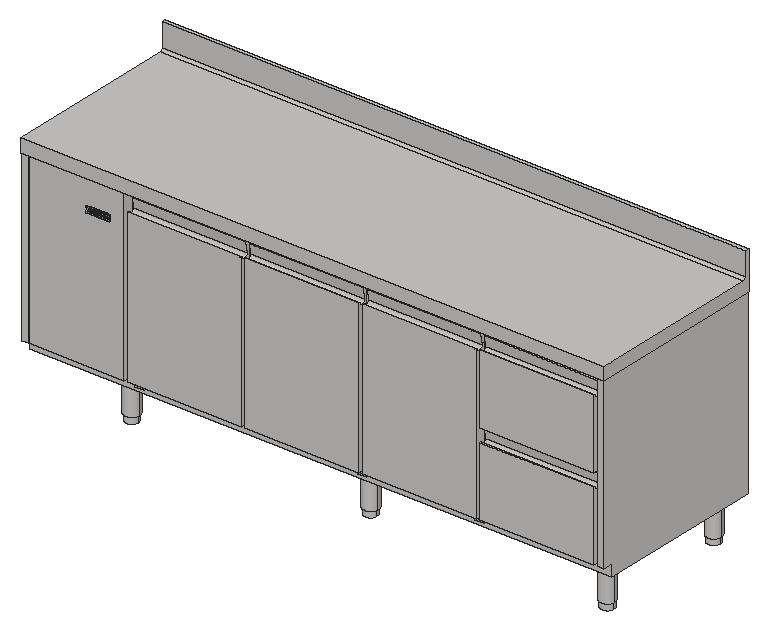
Revit family "QF_ZANUSSI_111058_ZH4H3AAAB", category Specialty Equipment, Revit 2018 (continued)
Definition of nested family "ZAN_Cooling Unit"
  Lines and regions (mm)
    Split face 121
      outline origin (55.016, 2, -197.115) x (0, 0, 1) y (-1, 0, 0)
        loop
          line (502.647, 158.547) -> (502.647, 116.535)
          arc (502.647, 116.535) -> (506.648, 112.533) -> (510.649, 116.535) r 4.001
          line (510.649, 116.535) -> (510.649, 158.547)
    Split face 122
      outline origin (55.016, 2, -209.119) x (0, 0, 1) y (-1, 0, 0)
        loop
          arc (510.649, 158.547) -> (506.648, 162.548) -> (502.647, 158.547) r 4.001
          line (502.647, 158.547) -> (502.647, 116.535)
          arc (502.647, 116.535) -> (506.648, 112.533) -> (510.649, 116.535) r 4.001
          line (510.649, 116.535) -> (510.649, 158.547)
    Split face 123
      outline origin (55.016, 2, -221.122) x (0, 0, 1) y (-1, 0, 0)
        loop
          arc (510.649, 158.547) -> (506.648, 162.548) -> (502.647, 158.547) r 4.001
          line (502.647, 158.547) -> (502.647, 116.535)
          arc (502.647, 116.535) -> (506.648, 112.533) -> (510.649, 116.535) r 4.001
          line (510.649, 116.535) -> (510.649, 158.547)
    Split face 124
      outline origin (55.016, 2, -233.126) x (0, 0, 1) y (-1, 0, 0)
        loop
          arc (510.649, 158.547) -> (506.648, 162.548) -> (502.647, 158.547) r 4.001
          line (502.647, 158.547) -> (502.647, 116.535)
          arc (502.647, 116.535) -> (506.648, 112.533) -> (510.649, 116.535) r 4.001
          line (510.649, 116.535) -> (510.649, 158.547)
    Split face 125
      outline origin (55.016, 2, -245.129) x (0, 0, 1) y (-1, 0, 0)
        loop
          arc (510.649, 158.547) -> (506.648, 162.548) -> (502.647, 158.547) r 4.001
          line (502.647, 158.547) -> (502.647, 116.535)
          arc (502.647, 116.535) -> (506.648, 112.533) -> (510.649, 116.535) r 4.001
          line (510.649, 116.535) -> (510.649, 158.547)
    Split face 126
      outline origin (55.016, 2, -257.133) x (0, 0, 1) y (-1, 0, 0)
        loop
          arc (510.649, 158.547) -> (506.648, 162.548) -> (502.647, 158.547) r 4.001
          line (502.647, 158.547) -> (502.647, 116.535)
          arc (502.647, 116.535) -> (506.648, 112.533) -> (510.649, 116.535) r 4.001
          line (510.649, 116.535) -> (510.649, 158.547)
    Split face 127
      outline origin (55.016, 2, -269.136) x (0, 0, 1) y (-1, 0, 0)
        loop
          arc (510.649, 158.547) -> (506.648, 162.548) -> (502.647, 158.547) r 4.001
          line (502.647, 158.547) -> (502.647, 116.535)
          arc (502.647, 116.535) -> (506.648, 112.533) -> (510.649, 116.535) r 4.001
          line (510.649, 116.535) -> (510.649, 158.547)
    Split face 128
      outline origin (55.016, 2, -281.14) x (0, 0, 1) y (-1, 0, 0)
        loop
          arc (510.649, 158.547) -> (506.648, 162.548) -> (502.647, 158.547) r 4.001
          line (502.647, 158.547) -> (502.647, 116.535)
          arc (502.647, 116.535) -> (506.648, 112.533) -> (510.649, 116.535) r 4.001
          line (510.649, 116.535) -> (510.649, 158.547)
    Split face 129
      outline origin (55.016, 2, -293.144) x (0, 0, 1) y (-1, 0, 0)
        loop
          arc (510.649, 158.547) -> (506.648, 162.548) -> (502.647, 158.547) r 4.001
          line (502.647, 158.547) -> (502.647, 116.535)
          arc (502.647, 116.535) -> (506.648, 112.533) -> (510.649, 116.535) r 4.001
          line (510.649, 116.535) -> (510.649, 158.547)
    Split face 130
      outline origin (110.032, 2, -113.091) x (0, 0, 1) y (-1, 0, 0)
        loop
          arc (510.649, 158.547) -> (506.648, 162.548) -> (502.647, 158.547) r 4.001
          line (502.647, 158.547) -> (502.647, 116.535)
          arc (502.647, 116.535) -> (506.648, 112.533) -> (510.649, 116.535) r 4.001
          line (510.649, 116.535) -> (510.649, 158.547)
    Split face 131
      outline origin (110.032, 2, -125.094) x (0, 0, 1) y (-1, 0, 0)
        loop
          arc (510.649, 158.547) -> (506.648, 162.548) -> (502.647, 158.547) r 4.001
          line (502.647, 158.547) -> (502.647, 116.535)
          arc (502.647, 116.535) -> (506.648, 112.533) -> (510.649, 116.535) r 4.001
          line (510.649, 116.535) -> (510.649, 158.547)
    Split face 132
      outline origin (110.032, 2, -137.098) x (0, 0, 1) y (-1, 0, 0)
        loop
          arc (510.649, 158.547) -> (506.648, 162.548) -> (502.647, 158.547) r 4.001
          line (502.647, 158.547) -> (502.647, 116.535)
          arc (502.647, 116.535) -> (506.648, 112.533) -> (510.649, 116.535) r 4.001
          line (510.649, 116.535) -> (510.649, 158.547)
    Split face 133
      outline origin (110.032, 2, -149.101) x (0, 0, 1) y (-1, 0, 0)
        loop
          arc (510.649, 158.547) -> (506.648, 162.548) -> (502.647, 158.547) r 4.001
          line (502.647, 158.547) -> (502.647, 116.535)
          arc (502.647, 116.535) -> (506.648, 112.533) -> (510.649, 116.535) r 4.001
          line (510.649, 116.535) -> (510.649, 158.547)
    Split face 134
      outline origin (110.032, 2, -161.105) x (0, 0, 1) y (-1, 0, 0)
        loop
          arc (510.649, 158.547) -> (506.648, 162.548) -> (502.647, 158.547) r 4.001
          line (502.647, 158.547) -> (502.647, 116.535)
          arc (502.647, 116.535) -> (506.648, 112.533) -> (510.649, 116.535) r 4.001
          line (510.649, 116.535) -> (510.649, 158.547)
    Split face 135
      outline origin (110.032, 2, -173.108) x (0, 0, 1) y (-1, 0, 0)
        loop
          arc (510.649, 158.547) -> (506.648, 162.548) -> (502.647, 158.547) r 4.001
          line (502.647, 158.547) -> (502.647, 116.535)
          arc (502.647, 116.535) -> (506.648, 112.533) -> (510.649, 116.535) r 4.001
          line (510.649, 116.535) -> (510.649, 158.547)
    Split face 136
      outline origin (110.032, 2, -185.112) x (0, 0, 1) y (-1, 0, 0)
        loop
          arc (510.649, 158.547) -> (506.648, 162.548) -> (502.647, 158.547) r 4.001
          line (502.647, 158.547) -> (502.647, 116.535)
          arc (502.647, 116.535) -> (506.648, 112.533) -> (510.649, 116.535) r 4.001
          line (510.649, 116.535) -> (510.649, 158.547)
    Split face 137
      outline origin (110.032, 2, -197.115) x (0, 0, 1) y (-1, 0, 0)
        loop
          arc (510.649, 158.547) -> (506.648, 162.548) -> (502.647, 158.547) r 4.001
          line (502.647, 158.547) -> (502.647, 116.535)
          arc (502.647, 116.535) -> (506.648, 112.533) -> (510.649, 116.535) r 4.001
          line (510.649, 116.535) -> (510.649, 158.547)
    Split face 138
      outline origin (110.032, 2, -209.119) x (0, 0, 1) y (-1, 0, 0)
        loop
          arc (510.649, 158.547) -> (506.648, 162.548) -> (502.647, 158.547) r 4.001
          line (502.647, 158.547) -> (502.647, 116.535)
          arc (502.647, 116.535) -> (506.648, 112.533) -> (510.649, 116.535) r 4.001
          line (510.649, 116.535) -> (510.649, 158.547)
    Split face 139
      outline origin (110.032, 2, -221.122) x (0, 0, 1) y (-1, 0, 0)
        loop
          arc (510.649, 158.547) -> (506.648, 162.548) -> (502.647, 158.547) r 4.001
          line (502.647, 158.547) -> (502.647, 116.535)
          arc (502.647, 116.535) -> (506.648, 112.533) -> (510.649, 116.535) r 4.001
          line (510.649, 116.535) -> (510.649, 158.547)
    Split face 140
      outline origin (110.032, 2, -233.126) x (0, 0, 1) y (-1, 0, 0)
        loop
          arc (510.649, 158.547) -> (506.648, 162.548) -> (502.647, 158.547) r 4.001
          line (502.647, 158.547) -> (502.647, 116.535)
          arc (502.647, 116.535) -> (506.648, 112.533) -> (510.649, 116.535) r 4.001
          line (510.649, 116.535) -> (510.649, 158.547)
    Split face 141
      outline origin (110.032, 2, -245.129) x (0, 0, 1) y (-1, 0, 0)
        loop
          arc (510.649, 158.547) -> (506.648, 162.548) -> (502.647, 158.547) r 4.001
          line (502.647, 158.547) -> (502.647, 116.535)
          arc (502.647, 116.535) -> (506.648, 112.533) -> (510.649, 116.535) r 4.001
          line (510.649, 116.535) -> (510.649, 158.547)
    Split face 142
      outline origin (110.032, 2, -257.133) x (0, 0, 1) y (-1, 0, 0)
        loop
          arc (510.649, 158.547) -> (506.648, 162.548) -> (502.647, 158.547) r 4.001
          line (502.647, 158.547) -> (502.647, 116.535)
          arc (502.647, 116.535) -> (506.648, 112.533) -> (510.649, 116.535) r 4.001
          line (510.649, 116.535) -> (510.649, 158.547)
    Split face 143
      outline origin (110.032, 2, -269.136) x (0, 0, 1) y (-1, 0, 0)
        loop
          arc (510.649, 158.547) -> (506.648, 162.548) -> (502.647, 158.547) r 4.001
          line (502.647, 158.547) -> (502.647, 116.535)
          arc (502.647, 116.535) -> (506.648, 112.533) -> (510.649, 116.535) r 4.001
          line (510.649, 116.535) -> (510.649, 158.547)
    Split face 144
      outline origin (110.032, 2, -281.14) x (0, 0, 1) y (-1, 0, 0)
        loop
          arc (510.649, 158.547) -> (506.648, 162.548) -> (502.647, 158.547) r 4.001
          line (502.647, 158.547) -> (502.647, 116.535)
          arc (502.647, 116.535) -> (506.648, 112.533) -> (510.649, 116.535) r 4.001
          line (510.649, 116.535) -> (510.649, 158.547)
    Split face 145
      outline origin (110.032, 2, -293.144) x (0, 0, 1) y (-1, 0, 0)
        loop
          arc (510.649, 158.547) -> (506.648, 162.548) -> (502.647, 158.547) r 4.001
          line (502.647, 158.547) -> (502.647, 116.535)
          arc (502.647, 116.535) -> (506.648, 112.533) -> (510.649, 116.535) r 4.001
          line (510.649, 116.535) -> (510.649, 158.547)
    Split face 146
      outline origin (165.048, 2, -113.091) x (0, 0, 1) y (-1, 0, 0)
        loop
          arc (510.649, 158.547) -> (506.648, 162.548) -> (502.647, 158.547) r 4.001
          line (502.647, 158.547) -> (502.647, 116.535)
          arc (502.647, 116.535) -> (506.648, 112.533) -> (510.649, 116.535) r 4.001
          line (510.649, 116.535) -> (510.649, 158.547)
    Split face 147
      outline origin (165.048, 2, -125.094) x (0, 0, 1) y (-1, 0, 0)
        loop
          arc (510.649, 158.547) -> (506.648, 162.548) -> (502.647, 158.547) r 4.001
          line (502.647, 158.547) -> (502.647, 116.535)
          arc (502.647, 116.535) -> (506.648, 112.533) -> (510.649, 116.535) r 4.001
          line (510.649, 116.535) -> (510.649, 158.547)
    Split face 148
      outline origin (165.048, 2, -137.098) x (0, 0, 1) y (-1, 0, 0)
        loop
          arc (510.649, 158.547) -> (506.648, 162.548) -> (502.647, 158.547) r 4.001
          line (502.647, 158.547) -> (502.647, 116.535)
          arc (502.647, 116.535) -> (506.648, 112.533) -> (510.649, 116.535) r 4.001
          line (510.649, 116.535) -> (510.649, 158.547)
    Split face 149
      outline origin (165.048, 2, -149.101) x (0, 0, 1) y (-1, 0, 0)
        loop
          arc (510.649, 158.547) -> (506.648, 162.548) -> (502.647, 158.547) r 4.001
          line (502.647, 158.547) -> (502.647, 116.535)
          arc (502.647, 116.535) -> (506.648, 112.533) -> (510.649, 116.535) r 4.001
          line (510.649, 116.535) -> (510.649, 158.547)
    Split face 150
      outline origin (165.048, 2, -161.105) x (0, 0, 1) y (-1, 0, 0)
        loop
          arc (510.649, 158.547) -> (506.648, 162.548) -> (502.647, 158.547) r 4.001
          line (502.647, 158.547) -> (502.647, 116.535)
          arc (502.647, 116.535) -> (506.648, 112.533) -> (510.649, 116.535) r 4.001
          line (510.649, 116.535) -> (510.649, 158.547)
    Split face 151
      outline origin (165.048, 2, -173.108) x (0, 0, 1) y (-1, 0, 0)
        loop
          arc (510.649, 158.547) -> (506.648, 162.548) -> (502.647, 158.547) r 4.001
          line (502.647, 158.547) -> (502.647, 116.535)
          arc (502.647, 116.535) -> (506.648, 112.533) -> (510.649, 116.535) r 4.001
          line (510.649, 116.535) -> (510.649, 158.547)
    Split face 152
      outline origin (165.048, 2, -185.112) x (0, 0, 1) y (-1, 0, 0)
        loop
          arc (510.649, 158.547) -> (506.648, 162.548) -> (502.647, 158.547) r 4.001
          line (502.647, 158.547) -> (502.647, 116.535)
          arc (502.647, 116.535) -> (506.648, 112.533) -> (510.649, 116.535) r 4.001
          line (510.649, 116.535) -> (510.649, 158.547)
    Split face 153
      outline origin (165.048, 2, -197.115) x (0, 0, 1) y (-1, 0, 0)
        loop
          arc (510.649, 158.547) -> (506.648, 162.548) -> (502.647, 158.547) r 4.001
          line (502.647, 158.547) -> (502.647, 116.535)
          arc (502.647, 116.535) -> (506.648, 112.533) -> (510.649, 116.535) r 4.001
          line (510.649, 116.535) -> (510.649, 158.547)
    Split face 154
      outline origin (165.048, 2, -209.119) x (0, 0, 1) y (-1, 0, 0)
        loop
          arc (510.649, 158.547) -> (506.648, 162.548) -> (502.647, 158.547) r 4.001
          line (502.647, 158.547) -> (502.647, 116.535)
          arc (502.647, 116.535) -> (506.648, 112.533) -> (510.649, 116.535) r 4.001
          line (510.649, 116.535) -> (510.649, 158.547)
    Split face 155
      outline origin (165.048, 2, -221.122) x (0, 0, 1) y (-1, 0, 0)
        loop
          arc (510.649, 158.547) -> (506.648, 162.548) -> (502.647, 158.547) r 4.001
          line (502.647, 158.547) -> (502.647, 116.535)
          arc (502.647, 116.535) -> (506.648, 112.533) -> (510.649, 116.535) r 4.001
          line (510.649, 116.535) -> (510.649, 158.547)
    Split face 156
      outline origin (165.048, 2, -233.126) x (0, 0, 1) y (-1, 0, 0)
        loop
          arc (510.649, 158.547) -> (506.648, 162.548) -> (502.647, 158.547) r 4.001
          line (502.647, 158.547) -> (502.647, 116.535)
          arc (502.647, 116.535) -> (506.648, 112.533) -> (510.649, 116.535) r 4.001
          line (510.649, 116.535) -> (510.649, 158.547)
    Split face 157
      outline origin (165.048, 2, -245.129) x (0, 0, 1) y (-1, 0, 0)
        loop
          arc (510.649, 158.547) -> (506.648, 162.548) -> (502.647, 158.547) r 4.001
          line (502.647, 158.547) -> (502.647, 116.535)
          arc (502.647, 116.535) -> (506.648, 112.533) -> (510.649, 116.535) r 4.001
          line (510.649, 116.535) -> (510.649, 158.547)
    Split face 158
      outline origin (165.048, 2, -257.133) x (0, 0, 1) y (-1, 0, 0)
        loop
          arc (510.649, 158.547) -> (506.648, 162.548) -> (502.647, 158.547) r 4.001
          line (502.647, 158.547) -> (502.647, 116.535)
          arc (502.647, 116.535) -> (506.648, 112.533) -> (510.649, 116.535) r 4.001
          line (510.649, 116.535) -> (510.649, 158.547)
    Split face 159
      outline origin (165.048, 2, -269.136) x (0, 0, 1) y (-1, 0, 0)
        loop
          arc (510.649, 158.547) -> (506.648, 162.548) -> (502.647, 158.547) r 4.001
          line (502.647, 158.547) -> (502.647, 116.535)
          arc (502.647, 116.535) -> (506.648, 112.533) -> (510.649, 116.535) r 4.001
          line (510.649, 116.535) -> (510.649, 158.547)
    Split face 160
      outline origin (165.048, 2, -281.14) x (0, 0, 1) y (-1, 0, 0)
        loop
          arc (510.649, 158.547) -> (506.648, 162.548) -> (502.647, 158.547) r 4.001
          line (502.647, 158.547) -> (502.647, 116.535)
          arc (502.647, 116.535) -> (506.648, 112.533) -> (510.649, 116.535) r 4.001
          line (510.649, 116.535) -> (510.649, 158.547)
    Split face 161
      outline origin (165.048, 2, -293.144) x (0, 0, 1) y (-1, 0, 0)
        loop
          arc (510.649, 158.547) -> (506.648, 162.548) -> (502.647, 158.547) r 4.001
          line (502.647, 158.547) -> (502.647, 116.535)
          arc (502.647, 116.535) -> (506.648, 112.533) -> (510.649, 116.535) r 4.001
          line (510.649, 116.535) -> (510.649, 158.547)
    Split face 162
      outline origin (220.064, 2, -113.091) x (0, 0, 1) y (-1, 0, 0)
        loop
          arc (510.649, 158.547) -> (506.648, 162.548) -> (502.647, 158.547) r 4.001
          line (502.647, 158.547) -> (502.647, 116.535)
          arc (502.647, 116.535) -> (506.648, 112.533) -> (510.649, 116.535) r 4.001
          line (510.649, 116.535) -> (510.649, 158.547)
    Split face 163
      outline origin (220.064, 2, -125.094) x (0, 0, 1) y (-1, 0, 0)
        loop
          arc (510.649, 158.547) -> (506.648, 162.548) -> (502.647, 158.547) r 4.001
          line (502.647, 158.547) -> (502.647, 116.535)
          arc (502.647, 116.535) -> (506.648, 112.533) -> (510.649, 116.535) r 4.001
          line (510.649, 116.535) -> (510.649, 158.547)
    Split face 164
      outline origin (220.064, 2, -137.098) x (0, 0, 1) y (-1, 0, 0)
        loop
          arc (510.649, 158.547) -> (506.648, 162.548) -> (502.647, 158.547) r 4.001
          line (502.647, 158.547) -> (502.647, 116.535)
          arc (502.647, 116.535) -> (506.648, 112.533) -> (510.649, 116.535) r 4.001
          line (510.649, 116.535) -> (510.649, 158.547)
    Split face 165
      outline origin (220.064, 2, -149.101) x (0, 0, 1) y (-1, 0, 0)
        loop
          arc (510.649, 158.547) -> (506.648, 162.548) -> (502.647, 158.547) r 4.001
          line (502.647, 158.547) -> (502.647, 116.535)
          arc (502.647, 116.535) -> (506.648, 112.533) -> (510.649, 116.535) r 4.001
          line (510.649, 116.535) -> (510.649, 158.547)
    Split face 166
      outline origin (220.064, 2, -161.105) x (0, 0, 1) y (-1, 0, 0)
        loop
          arc (510.649, 158.547) -> (506.648, 162.548) -> (502.647, 158.547) r 4.001
          line (502.647, 158.547) -> (502.647, 116.535)
          arc (502.647, 116.535) -> (506.648, 112.533) -> (510.649, 116.535) r 4.001
          line (510.649, 116.535) -> (510.649, 158.547)
    Split face 167
      outline origin (220.064, 2, -173.108) x (0, 0, 1) y (-1, 0, 0)
        loop
          arc (510.649, 158.547) -> (506.648, 162.548) -> (502.647, 158.547) r 4.001
          line (502.647, 158.547) -> (502.647, 116.535)
          arc (502.647, 116.535) -> (506.648, 112.533) -> (510.649, 116.535) r 4.001
          line (510.649, 116.535) -> (510.649, 158.547)
    Split face 168
      outline origin (220.064, 2, -185.112) x (0, 0, 1) y (-1, 0, 0)
        loop
          arc (510.649, 158.547) -> (506.648, 162.548) -> (502.647, 158.547) r 4.001
          line (502.647, 158.547) -> (502.647, 116.535)
          arc (502.647, 116.535) -> (506.648, 112.533) -> (510.649, 116.535) r 4.001
          line (510.649, 116.535) -> (510.649, 158.547)
    Split face 169
      outline origin (220.064, 2, -197.115) x (0, 0, 1) y (-1, 0, 0)
        loop
          arc (510.649, 158.547) -> (506.648, 162.548) -> (502.647, 158.547) r 4.001
          line (502.647, 158.547) -> (502.647, 116.535)
          arc (502.647, 116.535) -> (506.648, 112.533) -> (510.649, 116.535) r 4.001
          line (510.649, 116.535) -> (510.649, 158.547)
    Split face 170
      outline origin (220.064, 2, -209.119) x (0, 0, 1) y (-1, 0, 0)
        loop
          arc (510.649, 158.547) -> (506.648, 162.548) -> (502.647, 158.547) r 4.001
          line (502.647, 158.547) -> (502.647, 116.535)
          arc (502.647, 116.535) -> (506.648, 112.533) -> (510.649, 116.535) r 4.001
          line (510.649, 116.535) -> (510.649, 158.547)
    Split face 171
      outline origin (220.064, 2, -221.122) x (0, 0, 1) y (-1, 0, 0)
        loop
          arc (510.649, 158.547) -> (506.648, 162.548) -> (502.647, 158.547) r 4.001
          line (502.647, 158.547) -> (502.647, 116.535)
          arc (502.647, 116.535) -> (506.648, 112.533) -> (510.649, 116.535) r 4.001
          line (510.649, 116.535) -> (510.649, 158.547)
    Split face 172
      outline origin (220.064, 2, -233.126) x (0, 0, 1) y (-1, 0, 0)
        loop
          arc (510.649, 158.547) -> (506.648, 162.548) -> (502.647, 158.547) r 4.001
          line (502.647, 158.547) -> (502.647, 116.535)
          arc (502.647, 116.535) -> (506.648, 112.533) -> (510.649, 116.535) r 4.001
          line (510.649, 116.535) -> (510.649, 158.547)
    Split face 173
      outline origin (220.064, 2, -245.129) x (0, 0, 1) y (-1, 0, 0)
        loop
          arc (510.649, 158.547) -> (506.648, 162.548) -> (502.647, 158.547) r 4.001
          line (502.647, 158.547) -> (502.647, 116.535)
          arc (502.647, 116.535) -> (506.648, 112.533) -> (510.649, 116.535) r 4.001
          line (510.649, 116.535) -> (510.649, 158.547)
    Split face 174
      outline origin (220.064, 2, -257.133) x (0, 0, 1) y (-1, 0, 0)
        loop
          arc (510.649, 158.547) -> (506.648, 162.548) -> (502.647, 158.547) r 4.001
          line (502.647, 158.547) -> (502.647, 116.535)
          arc (502.647, 116.535) -> (506.648, 112.533) -> (510.649, 116.535) r 4.001
          line (510.649, 116.535) -> (510.649, 158.547)
    Split face 175
      outline origin (220.064, 2, -269.136) x (0, 0, 1) y (-1, 0, 0)
        loop
          arc (510.649, 158.547) -> (506.648, 162.548) -> (502.647, 158.547) r 4.001
          line (502.647, 158.547) -> (502.647, 116.535)
          arc (502.647, 116.535) -> (506.648, 112.533) -> (510.649, 116.535) r 4.001
          line (510.649, 116.535) -> (510.649, 158.547)
    Split face 176
      outline origin (220.064, 2, -281.14) x (0, 0, 1) y (-1, 0, 0)
        loop
          arc (510.649, 158.547) -> (506.648, 162.548) -> (502.647, 158.547) r 4.001
          line (502.647, 158.547) -> (502.647, 116.535)
          arc (502.647, 116.535) -> (506.648, 112.533) -> (510.649, 116.535) r 4.001
          line (510.649, 116.535) -> (510.649, 158.547)
    Split face 177
      outline origin (220.064, 2, -293.144) x (0, 0, 1) y (-1, 0, 0)
        loop
          arc (510.649, 158.547) -> (506.648, 162.548) -> (502.647, 158.547) r 4.001
          line (502.647, 158.547) -> (502.647, 116.535)
          arc (502.647, 116.535) -> (506.648, 112.533) -> (510.649, 116.535) r 4.001
          line (510.649, 116.535) -> (510.649, 158.547)
    Split face 178
      outline origin (275.081, 2, -113.091) x (0, 0, 1) y (-1, 0, 0)
        loop
          arc (510.649, 158.547) -> (506.648, 162.548) -> (502.647, 158.547) r 4.001
          line (502.647, 158.547) -> (502.647, 116.535)
          arc (502.647, 116.535) -> (506.648, 112.533) -> (510.649, 116.535) r 4.001
          line (510.649, 116.535) -> (510.649, 158.547)
    Split face 179
      outline origin (275.081, 2, -125.094) x (0, 0, 1) y (-1, 0, 0)
        loop
          arc (510.649, 158.547) -> (506.648, 162.548) -> (502.647, 158.547) r 4.001
          line (502.647, 158.547) -> (502.647, 116.535)
          arc (502.647, 116.535) -> (506.648, 112.533) -> (510.649, 116.535) r 4.001
          line (510.649, 116.535) -> (510.649, 158.547)
    Split face 180
      outline origin (275.081, 2, -137.098) x (0, 0, 1) y (-1, 0, 0)
        loop
          arc (510.649, 158.547) -> (506.648, 162.548) -> (502.647, 158.547) r 4.001
          line (502.647, 158.547) -> (502.647, 116.535)
          arc (502.647, 116.535) -> (506.648, 112.533) -> (510.649, 116.535) r 4.001
          line (510.649, 116.535) -> (510.649, 158.547)
    Split face 181
      outline origin (275.081, 2, -149.101) x (0, 0, 1) y (-1, 0, 0)
        loop
          arc (510.649, 158.547) -> (506.648, 162.548) -> (502.647, 158.547) r 4.001
          line (502.647, 158.547) -> (502.647, 116.535)
          arc (502.647, 116.535) -> (506.648, 112.533) -> (510.649, 116.535) r 4.001
          line (510.649, 116.535) -> (510.649, 158.547)
    Split face 182
      outline origin (275.081, 2, -161.105) x (0, 0, 1) y (-1, 0, 0)
        loop
          arc (510.649, 158.547) -> (506.648, 162.548) -> (502.647, 158.547) r 4.001
          line (502.647, 158.547) -> (502.647, 116.535)
          arc (502.647, 116.535) -> (506.648, 112.533) -> (510.649, 116.535) r 4.001
          line (510.649, 116.535) -> (510.649, 158.547)
    Split face 183
      outline origin (275.081, 2, -173.108) x (0, 0, 1) y (-1, 0, 0)
        loop
          arc (510.649, 158.547) -> (506.648, 162.548) -> (502.647, 158.547) r 4.001
          line (502.647, 158.547) -> (502.647, 116.535)
          arc (502.647, 116.535) -> (506.648, 112.533) -> (510.649, 116.535) r 4.001
          line (510.649, 116.535) -> (510.649, 158.547)
    Split face 184
      outline origin (275.081, 2, -185.112) x (0, 0, 1) y (-1, 0, 0)
        loop
          arc (510.649, 158.547) -> (506.648, 162.548) -> (502.647, 158.547) r 4.001
          line (502.647, 158.547) -> (502.647, 116.535)
          arc (502.647, 116.535) -> (506.648, 112.533) -> (510.649, 116.535) r 4.001
          line (510.649, 116.535) -> (510.649, 158.547)
    Split face 185
      outline origin (275.081, 2, -197.115) x (0, 0, 1) y (-1, 0, 0)
        loop
          arc (510.649, 158.547) -> (506.648, 162.548) -> (502.647, 158.547) r 4.001
          line (502.647, 158.547) -> (502.647, 116.535)
          arc (502.647, 116.535) -> (506.648, 112.533) -> (510.649, 116.535) r 4.001
          line (510.649, 116.535) -> (510.649, 158.547)
    Split face 186
      outline origin (275.081, 2, -209.119) x (0, 0, 1) y (-1, 0, 0)
        loop
          arc (510.649, 158.547) -> (506.648, 162.548) -> (502.647, 158.547) r 4.001
          line (502.647, 158.547) -> (502.647, 116.535)
          arc (502.647, 116.535) -> (506.648, 112.533) -> (510.649, 116.535) r 4.001
          line (510.649, 116.535) -> (510.649, 158.547)
    Split face 187
      outline origin (275.081, 2, -221.122) x (0, 0, 1) y (-1, 0, 0)
        loop
          arc (510.649, 158.547) -> (506.648, 162.548) -> (502.647, 158.547) r 4.001
          line (502.647, 158.547) -> (502.647, 116.535)
          arc (502.647, 116.535) -> (506.648, 112.533) -> (510.649, 116.535) r 4.001
          line (510.649, 116.535) -> (510.649, 158.547)
    Split face 188
      outline origin (275.081, 2, -233.126) x (0, 0, 1) y (-1, 0, 0)
        loop
          arc (510.649, 158.547) -> (506.648, 162.548) -> (502.647, 158.547) r 4.001
          line (502.647, 158.547) -> (502.647, 116.535)
          arc (502.647, 116.535) -> (506.648, 112.533) -> (510.649, 116.535) r 4.001
          line (510.649, 116.535) -> (510.649, 158.547)
    Split face 189
      outline origin (275.081, 2, -245.129) x (0, 0, 1) y (-1, 0, 0)
        loop
          arc (510.649, 158.547) -> (506.648, 162.548) -> (502.647, 158.547) r 4.001
          line (502.647, 158.547) -> (502.647, 116.535)
          arc (502.647, 116.535) -> (506.648, 112.533) -> (510.649, 116.535) r 4.001
          line (510.649, 116.535) -> (510.649, 158.547)
    Split face 190
      outline origin (275.081, 2, -257.133) x (0, 0, 1) y (-1, 0, 0)
        loop
          arc (510.649, 158.547) -> (506.648, 162.548) -> (502.647, 158.547) r 4.001
          line (502.647, 158.547) -> (502.647, 116.535)
          arc (502.647, 116.535) -> (506.648, 112.533) -> (510.649, 116.535) r 4.001
          line (510.649, 116.535) -> (510.649, 158.547)
    Split face 191
      outline origin (275.081, 2, -269.136) x (0, 0, 1) y (-1, 0, 0)
        loop
          arc (510.649, 158.547) -> (506.648, 162.548) -> (502.647, 158.547) r 4.001
          line (502.647, 158.547) -> (502.647, 116.535)
          arc (502.647, 116.535) -> (506.648, 112.533) -> (510.649, 116.535) r 4.001
          line (510.649, 116.535) -> (510.649, 158.547)
    Split face 192
      outline origin (275.081, 2, -281.14) x (0, 0, 1) y (-1, 0, 0)
        loop
          arc (510.649, 158.547) -> (506.648, 162.548) -> (502.647, 158.547) r 4.001
          line (502.647, 158.547) -> (502.647, 116.535)
          arc (502.647, 116.535) -> (506.648, 112.533) -> (510.649, 116.535) r 4.001
          line (510.649, 116.535) -> (510.649, 158.547)
    Split face 193
      outline origin (275.081, 2, -293.144) x (0, 0, 1) y (-1, 0, 0)
        loop
          arc (510.649, 158.547) -> (506.648, 162.548) -> (502.647, 158.547) r 4.001
          line (502.647, 158.547) -> (502.647, 116.535)
          arc (502.647, 116.535) -> (506.648, 112.533) -> (510.649, 116.535) r 4.001
          line (510.649, 116.535) -> (510.649, 158.547)
    Split face 194
      outline origin (0, 2, 197) x (0, 0, 1) y (-1, 0, 0)
        loop
          spline (566.835, 20.381) -> (564.628, 19.058) -> (561.987, 18.027) -> (558.955, 17.386) -> (555.581, 17.244) -> (551.912, 17.703) -> (547.993, 18.863) -> (543.871, 20.83) -> (539.591, 23.706) -> (535.202, 27.594) -> (530.748, 32.597) -> (526.28, 38.824) -> (521.835, 46.362)
        loop
          spline (521.835, 58.392) -> (525.386, 49.242) -> (529.197, 41.481) -> (533.2, 35.023) -> (537.329, 29.786) -> (541.516, 25.684) -> (545.695, 22.634) -> (549.798, 20.552) -> (553.759, 19.355) -> (557.511, 18.958) -> (560.984, 19.275) -> (564.115, 20.227) -> (566.835, 21.726)
    Split face 195
      outline origin (0, 2, 197) x (0, 0, 1) y (-1, 0, 0)
        loop
          line (555.835, 149.5) -> (532.835, 149.5) -> (532.835, 94.5) -> (555.835, 94.5) -> (555.835, 149.5)
  Dimensions and locks
    aligned and locked: level to plane 2
  Nested families
    nested 1: "ZAN_Logo_S_Grey" at (85, 2, 741.213) x (1, 0, 0) z (0, -1, 0), visible <- "Show Logo", type "ZAN_Logo_S_Grey"
  Definition of nested family "ZAN_Logo_S_Grey"
    Parameters
      Default Elevation = 0 mm
    Reference planes
      plane 1 "Centro (Fronte/Retro)": y = 0
      plane 2: z = 0
      plane 3 "Centro (Sinistra/Destra)": x = 0
    Forms (mm)
      Extrusion 1, solid
        sketch origin (0, 0, 0) x (1, 0, 0) y (0, 1, 0)
          loop
            line (-1219.2, 1219.2) -> (-1219.2, -1219.2) -> (1219.2, -1219.2) -> (1219.2, 1219.2) -> (-1219.2, 1219.2)
        from 0 to -304.8
      Extrusion 2, solid
        sketch origin (17.793, -46.218, 0) x (-1, 0, 0) y (0, -1, 0)
          loop
            spline (-4.176, -58.079) -> (-3.496, -58.328) -> (-2.793, -58.512) -> (-2.075, -58.63) -> (-1.348, -58.682) -> (-0.619, -58.669) -> (0.106, -58.588) -> (0.818, -58.44) -> (1.512, -58.225) -> (2.18, -57.941) -> (2.817, -57.589) -> (3.414, -57.167) -> (3.966, -56.676)
            spline (3.966, -56.676) -> (4.293, -56.162) -> (4.575, -55.61) -> (4.81, -55.026) -> (5, -54.419) -> (5.146, -53.797) -> (5.247, -53.166) -> (5.304, -52.536) -> (5.318, -51.913) -> (5.288, -51.306) -> (5.217, -50.723) -> (5.103, -50.17) -> (4.949, -49.657)
            line (4.949, -49.657) -> (2.702, -46.428) -> (0.316, -44.323)
            spline (0.316, -44.323) -> (0.065, -44.115) -> (-0.195, -43.909) -> (-0.46, -43.704) -> (-0.729, -43.496) -> (-0.997, -43.282) -> (-1.263, -43.059) -> (-1.523, -42.825) -> (-1.774, -42.576) -> (-2.013, -42.309) -> (-2.238, -42.022) -> (-2.445, -41.712) -> (-2.632, -41.375)
            spline (-2.632, -41.375) -> (-2.666, -41.159) -> (-2.697, -40.934) -> (-2.722, -40.701) -> (-2.736, -40.465) -> (-2.736, -40.227) -> (-2.72, -39.989) -> (-2.682, -39.754) -> (-2.621, -39.524) -> (-2.533, -39.302) -> (-2.414, -39.091) -> (-2.261, -38.892) -> (-2.07, -38.708)
            line (-2.07, -38.708) -> (-0.245, -38.567)
            spline (-0.245, -38.567) -> (0.096, -38.8) -> (0.354, -39.074) -> (0.54, -39.381) -> (0.664, -39.716) -> (0.738, -40.073) -> (0.772, -40.445) -> (0.777, -40.825) -> (0.763, -41.208) -> (0.742, -41.588) -> (0.723, -41.957) -> (0.718, -42.309) -> (0.737, -42.638)
            line (0.737, -42.638) -> (5.65, -42.638)
            spline (5.65, -42.638) -> (5.708, -42.042) -> (5.741, -41.448) -> (5.747, -40.857) -> (5.723, -40.273) -> (5.668, -39.696) -> (5.58, -39.129) -> (5.457, -38.574) -> (5.297, -38.032) -> (5.098, -37.506) -> (4.857, -36.997) -> (4.574, -36.508) -> (4.247, -36.041)
            spline (4.247, -36.041) -> (3.844, -35.675) -> (3.409, -35.35) -> (2.946, -35.065) -> (2.458, -34.819) -> (1.949, -34.612) -> (1.421, -34.444) -> (0.88, -34.314) -> (0.326, -34.221) -> (-0.234, -34.165) -> (-0.8, -34.146) -> (-1.366, -34.163) -> (-1.93, -34.216)
            spline (-1.93, -34.216) -> (-2.526, -34.309) -> (-3.116, -34.448) -> (-3.695, -34.633) -> (-4.259, -34.861) -> (-4.801, -35.131) -> (-5.316, -35.444) -> (-5.799, -35.798) -> (-6.245, -36.191) -> (-6.648, -36.624) -> (-7.002, -37.095) -> (-7.303, -37.603) -> (-7.545, -38.146)
            spline (-7.545, -38.146) -> (-7.694, -38.815) -> (-7.792, -39.487) -> (-7.839, -40.158) -> (-7.836, -40.824) -> (-7.785, -41.482) -> (-7.685, -42.129) -> (-7.539, -42.762) -> (-7.347, -43.377) -> (-7.111, -43.97) -> (-6.83, -44.538) -> (-6.506, -45.078) -> (-6.141, -45.586)
            line (-6.141, -45.586) -> (-0.526, -50.64) -> (0.176, -51.482)
            spline (0.176, -51.482) -> (0.248, -51.66) -> (0.323, -51.843) -> (0.397, -52.03) -> (0.467, -52.22) -> (0.529, -52.412) -> (0.579, -52.605) -> (0.615, -52.798) -> (0.633, -52.989) -> (0.63, -53.179) -> (0.601, -53.366) -> (0.545, -53.55) -> (0.456, -53.728)
            spline (0.456, -53.728) -> (0.375, -53.892) -> (0.273, -54.034) -> (0.154, -54.155) -> (0.02, -54.258) -> (-0.126, -54.343) -> (-0.28, -54.412) -> (-0.441, -54.466) -> (-0.604, -54.508) -> (-0.767, -54.537) -> (-0.928, -54.556) -> (-1.082, -54.567) -> (-1.228, -54.57)
            line (-1.228, -54.57) -> (-2.632, -53.587) -> (-2.772, -50.64) -> (-7.405, -50.64)
            spline (-7.405, -50.64) -> (-7.41, -51.031) -> (-7.423, -51.432) -> (-7.44, -51.839) -> (-7.456, -52.251) -> (-7.469, -52.665) -> (-7.475, -53.079) -> (-7.468, -53.489) -> (-7.446, -53.894) -> (-7.404, -54.291) -> (-7.339, -54.679) -> (-7.247, -55.053) -> (-7.123, -55.412)
            spline (-7.123, -55.412) -> (-6.999, -55.693) -> (-6.837, -55.97) -> (-6.643, -56.244) -> (-6.422, -56.509) -> (-6.177, -56.765) -> (-5.913, -57.009) -> (-5.634, -57.238) -> (-5.346, -57.45) -> (-5.051, -57.643) -> (-4.755, -57.814) -> (-4.462, -57.96) -> (-4.176, -58.079)
          loop
            spline (-21.021, -55.552) -> (-20.633, -56.181) -> (-20.177, -56.736) -> (-19.661, -57.217) -> (-19.092, -57.627) -> (-18.478, -57.966) -> (-17.827, -58.237) -> (-17.147, -58.441) -> (-16.446, -58.578) -> (-15.73, -58.652) -> (-15.009, -58.662) -> (-14.29, -58.611) -> (-13.581, -58.5)
            spline (-13.581, -58.5) -> (-13.088, -58.407) -> (-12.595, -58.269) -> (-12.109, -58.088) -> (-11.636, -57.866) -> (-11.183, -57.605) -> (-10.756, -57.307) -> (-10.361, -56.974) -> (-10.004, -56.608) -> (-9.692, -56.211) -> (-9.431, -55.784) -> (-9.228, -55.33) -> (-9.089, -54.851)
            spline (-9.089, -54.851) -> (-8.873, -54.211) -> (-8.715, -53.559) -> (-8.615, -52.901) -> (-8.574, -52.241) -> (-8.592, -51.585) -> (-8.668, -50.938) -> (-8.802, -50.306) -> (-8.995, -49.693) -> (-9.247, -49.106) -> (-9.557, -48.55) -> (-9.925, -48.03) -> (-10.352, -47.551)
            line (-10.352, -47.551) -> (-15.546, -42.919) -> (-16.669, -41.234)
            spline (-16.669, -41.234) -> (-16.704, -41.021) -> (-16.735, -40.804) -> (-16.761, -40.583) -> (-16.778, -40.361) -> (-16.784, -40.139) -> (-16.774, -39.919) -> (-16.748, -39.701) -> (-16.7, -39.488) -> (-16.63, -39.28) -> (-16.533, -39.08) -> (-16.406, -38.889) -> (-16.248, -38.708)
            line (-16.248, -38.708) -> (-14.844, -38.427)
            spline (-14.844, -38.427) -> (-14.347, -38.545) -> (-13.969, -38.749) -> (-13.695, -39.028) -> (-13.508, -39.368) -> (-13.393, -39.757) -> (-13.335, -40.182) -> (-13.318, -40.63) -> (-13.326, -41.089) -> (-13.344, -41.546) -> (-13.356, -41.988) -> (-13.347, -42.403) -> (-13.3, -42.779)
            line (-13.3, -42.779) -> (-8.387, -42.638)
            spline (-8.387, -42.638) -> (-8.326, -42.034) -> (-8.288, -41.417) -> (-8.277, -40.794) -> (-8.299, -40.169) -> (-8.357, -39.548) -> (-8.457, -38.936) -> (-8.604, -38.339) -> (-8.803, -37.762) -> (-9.058, -37.21) -> (-9.375, -36.689) -> (-9.758, -36.204) -> (-10.212, -35.76)
            spline (-10.212, -35.76) -> (-10.793, -35.336) -> (-11.409, -34.976) -> (-12.054, -34.679) -> (-12.723, -34.445) -> (-13.409, -34.273) -> (-14.107, -34.163) -> (-14.811, -34.115) -> (-15.515, -34.127) -> (-16.213, -34.2) -> (-16.899, -34.333) -> (-17.568, -34.526) -> (-18.213, -34.777)
            spline (-18.213, -34.777) -> (-18.496, -34.897) -> (-18.783, -35.044) -> (-19.071, -35.216) -> (-19.357, -35.412) -> (-19.639, -35.629) -> (-19.915, -35.865) -> (-20.182, -36.119) -> (-20.438, -36.389) -> (-20.681, -36.672) -> (-20.907, -36.967) -> (-21.115, -37.272) -> (-21.301, -37.585)
            spline (-21.301, -37.585) -> (-21.55, -38.26) -> (-21.734, -38.948) -> (-21.854, -39.647) -> (-21.91, -40.351) -> (-21.901, -41.057) -> (-21.828, -41.761) -> (-21.69, -42.459) -> (-21.489, -43.148) -> (-21.222, -43.823) -> (-20.892, -44.48) -> (-20.497, -45.116) -> (-20.038, -45.726)
            line (-20.038, -45.726) -> (-14.142, -51.061) -> (-13.44, -52.886) -> (-14.002, -54.289) -> (-15.265, -54.57) -> (-16.669, -53.587) -> (-16.81, -50.78) -> (-21.582, -50.64)
            spline (-21.582, -50.64) -> (-21.558, -51.063) -> (-21.55, -51.491) -> (-21.554, -51.92) -> (-21.561, -52.35) -> (-21.567, -52.778) -> (-21.565, -53.201) -> (-21.547, -53.619) -> (-21.509, -54.029) -> (-21.444, -54.43) -> (-21.345, -54.818) -> (-21.206, -55.193) -> (-21.021, -55.552)
          loop
            line (-22.424, -34.216) -> (-27.337, -34.216) -> (-27.337, -58.22) -> (-22.424, -58.22) -> (-22.424, -34.216)
          loop
            line (14.213, -39.971) -> (14.213, -58.22) -> (19.126, -58.22) -> (19.126, -42.077) -> (18.845, -38.146) -> (18.424, -37.164) -> (17.442, -35.9) -> (16.459, -35.199) -> (14.494, -34.356) -> (13.511, -34.216) -> (11.265, -34.216) -> (10.142, -34.497) -> (8.458, -35.479) -> (6.493, -38.287) -> (6.352, -39.269) -> (6.352, -58.22) -> (11.265, -58.22) -> (11.265, -40.392) -> (11.827, -39.129) -> (13.371, -38.988) -> (14.213, -39.971)
          loop
            line (20.249, -58.22) -> (24.741, -58.22) -> (24.741, -42.919) -> (28.812, -58.22) -> (34.006, -58.22) -> (34.006, -34.216) -> (29.654, -34.216) -> (29.654, -50.078) -> (25.583, -34.216) -> (20.249, -34.216) -> (20.249, -58.22)
          loop
            line (50.149, -58.22) -> (62.361, -58.22) -> (62.361, -53.728) -> (55.904, -53.868) -> (62.923, -39.129) -> (62.923, -34.216) -> (50.149, -34.216) -> (50.149, -39.129) -> (57.517, -39.129) -> (50.149, -54.149) -> (50.149, -58.22)
          loop
            line (38.778, -58.22) -> (45.516, -58.22) -> (49.868, -34.216) -> (44.814, -34.216) -> (44.113, -38.848) -> (40.042, -38.848) -> (39.34, -34.216) -> (34.286, -34.216) -> (38.778, -58.22)
          loop
            line (43.551, -43.2) -> (40.744, -43.2) -> (42.147, -54.117) -> (43.551, -43.2)
        from 0 to 1.644
    Dimensions and locks
      aligned and locked: plane 2 to Extrusion 1
      aligned and locked: level to Extrusion 1
Definition of nested family "Refrigerator"
  Reference planes
    plane 1 "Center (Front/Back)": y = 0
    plane 2: z = 0
    plane 3 "Center (Left/Right)": x = 0
  Lines and regions (mm)
    detail lines, in view "Ref. Level"
      curve 1: spline (-500, 190, 0) -> (-493.185, 166.706, 0) -> (-473.205, 145, 0) -> (-441.421, 126.36, 0) -> (-400, 112.058, 0) -> (-351.764, 103.067, 0) -> (-300, 100, 0) -> (-248.236, 103.067, 0) -> (-200, 112.058, 0) -> (-158.579, 126.36, 0) -> (-126.795, 145, 0) -> (-106.815, 166.706, 0) -> (-100, 190, 0) -> (-106.815, 213.294, 0) -> (-126.795, 235, 0) -> (-158.579, 253.64, 0) -> (-200, 267.942, 0) -> (-248.236, 276.933, 0) -> (-300, 280, 0) -> (-351.764, 276.933, 0) -> (-400, 267.942, 0) -> (-441.421, 253.64, 0) -> (-473.205, 235, 0) -> (-493.185, 213.294, 0) -> (-500, 190, 0)
      curve 2: line (-300, 130, 0) -> (-300, 250, 0)
      curve 3: line (-351.962, 220, 0) -> (-248.038, 160, 0)
      curve 4: line (-351.962, 160, 0) -> (-248.038, 220, 0)
      curve 5: line (-280.884, 246.873, 0) -> (-300, 225, 0)
      curve 6: line (-300, 225, 0) -> (-319.116, 246.873, 0)
      curve 7: line (-330.311, 207.5, 0) -> (-339.696, 234.992, 0)
      curve 8: line (-358.812, 201.882, 0) -> (-330.311, 207.5, 0)
      curve 9: line (-330.311, 172.5, 0) -> (-358.812, 178.118, 0)
      curve 10: line (-339.696, 145.008, 0) -> (-330.311, 172.5, 0)
      curve 11: line (-300, 155, 0) -> (-319.116, 133.127, 0)
      curve 12: line (-280.884, 133.127, 0) -> (-300, 155, 0)
      curve 13: line (-269.689, 172.5, 0) -> (-260.304, 145.008, 0)
      curve 14: line (-241.188, 178.118, 0) -> (-269.689, 172.5, 0)
      curve 15: line (-269.689, 207.5, 0) -> (-241.188, 201.882, 0)
      curve 16: line (-260.304, 234.992, 0) -> (-269.689, 207.5, 0)
